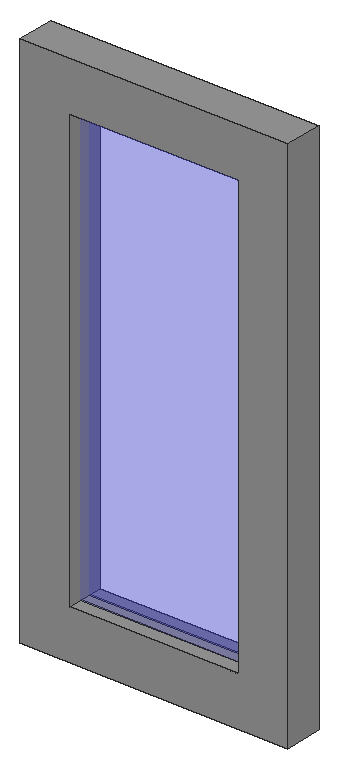
Revit family "Family3", category Windows, host Wall, Revit 2018
Family settings
  Host = Wall
  OmniClass Number = 23.30.20.00
  OmniClass Title = Windows
  Always vertical = Yes
  Cut with Voids When Loaded = No
  Shared = No
  Room Calculation Point = No
Parameters
  Window Width = 84 mm
  Window Thickness = 4 mm
  Visual Light Transmittance = 0.81
  URL = "www.skywardwindows.co.za"
  Thermal Resistance (R) = 0.3196 (m²·K)/W
  Telephone = "021 276 1800"
  Solar Heat Gain Coefficient = 0.76
  Glass = Glass
  Window = White
  Manufacturer = "Skyward Windows"
  Height = 1190 mm
  Heat Transfer Coefficient (U) = 3.1292 W/(m²·K)
  Email Address = "info@skywardwindows.co.za"
  Default Sill Height = 800 mm
  Wall Closure = By host
  Width = 590 mm
  Company Address = "Charles Matthews Street Atlantis 7349"
  Analytic Construction = "Double glazing - domestic"
Reference planes
  plane 1 "Center (Front/Back)": y = 0
  plane 2 "Center (Left/Right)": x = 0
  plane 3 "Left": x = -295
  plane 4 "Right": x = 295
  plane 5 "Sill": z = 800
  plane 6 "Head": z = 1990
  plane 7 "Exterior": y = 100
  plane 8 "Interior": y = -100
Forms (mm)
  Extrusion 1, solid, material "White" <- "Window"
    sketch origin (0, -100, 0) x (1, 0, 0) y (0, 0, 1)
      loop
        line (-295, 1990) -> (-295, 800) -> (295, 800) -> (295, 1990) -> (-295, 1990)
      loop
        line (-186, 909) -> (186, 909) -> (186, 1881) -> (-186, 1881) -> (-186, 909)
    from -142 to -58
  Extrusion 2, solid, material "Glass" <- "Glass"
    sketch origin (0, 0, 0) x (1, 0, 0) y (0, 1, 0)
      loop
        line (-186, -10) -> (-186, -14) -> (186, -14) -> (186, -10) -> (-186, -10)
      loop
        line (-186, 14) -> (-186, 10) -> (186, 10) -> (186, 14) -> (-186, 14)
    from 909 to 1881
Lines and regions (mm)
  Opening 1
    outline origin (3500, -100, 0) x (1, 0, 0) y (0, 0, 1)
      loop
        line (-3205, 800) -> (-3205, 1990) -> (-3795, 1990) -> (-3795, 800) -> (-3205, 800)
Text (mm)
  text "EXTERIOR" at (-1963.203, 1332.353, 0), in view "Ref. Level"
  text "INTERIOR" at (-1981.466, -818.386, 0), in view "Ref. Level"
  text "Exterior" at (0, 923.751, 2943.296), in view "Right"
  text "Exterior" at (0, 1040.484, 2685.409), in view "Left"
Dimensions and locks
  equal spacing: plane 3 "Left", plane 2 "Center (Left/Right)", plane 4 "Right"
  "Width": plane 3 "Left" to plane 4 "Right"
  "Height": plane 5 "Sill" to plane 6 "Head"
  "Default Sill Height": plane 5 "Sill" to level
  locked: plane 7 "Exterior" to host wall at 0
  locked: plane 8 "Interior" to host wall
  "Window Width": Extrusion 1 to Extrusion 1
  "Window Thickness": Extrusion 2 to Extrusion 2  (x2)
  aligned and locked: Extrusion 1 sketch curve to host wall  (x4)
  aligned and locked: Extrusion 2 to Extrusion 1  (x3)
Automatic sketch dimensions
  Opening 1 sketch curve to plane 3 "Left" = 0 mm
  Opening 1 sketch curve to plane 4 "Right" = 0 mm
  Opening 1 sketch curve to plane 5 "Sill" = 0 mm
  Opening 1 sketch curve to plane 6 "Head" = 0 mm
  Extrusion 1 sketch curve to plane 3 "Left" = 109 mm
  plane 4 "Right" to Extrusion 1 sketch curve = 109 mm
  Extrusion 1 sketch curve to plane 5 "Sill" = 109 mm
  plane 6 "Head" to Extrusion 1 sketch curve = 109 mm
  Extrusion 2 sketch curve to plane 3 "Left" = 109 mm  (x2)
  plane 4 "Right" to Extrusion 2 sketch curve = 109 mm  (x2)
  host wall to Extrusion 2 sketch curve = 10 mm
  Extrusion 2 sketch curve to Extrusion 2 sketch curve = 4 mm  (x2)
  Extrusion 2 sketch curve to host wall = 10 mm
